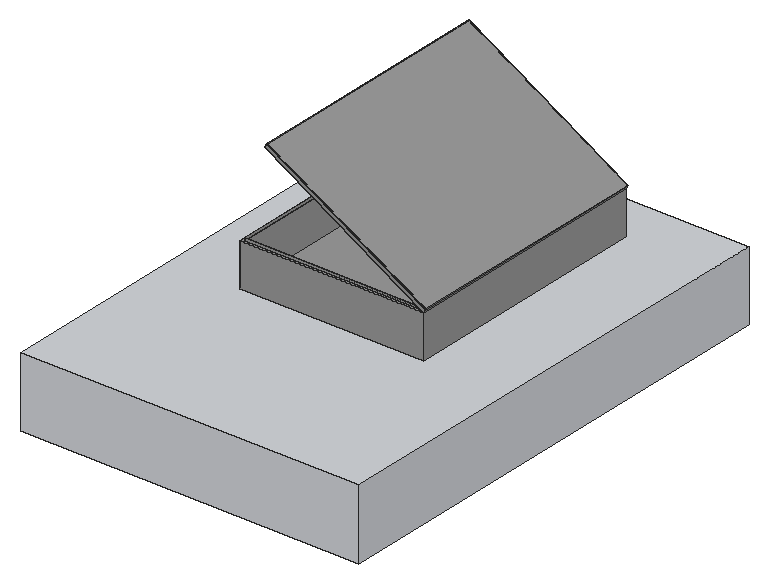
Revit family "Hager-Univers-IP54-D205-H1100-Cl.I-Encl-CH-fr", category Equipement électrique, Revit 2020
Family settings
  Hôte = Face
  Configuration du panneau = Deux colonnes, circuits au sein
  Cote de connecteur circulaire = Utiliser le diamètre
  Type d'élément = Tableau de raccordement
  Couper avec des vides une fois chargée = Non
  Partagée = Non
  Point de calcul de pièce = Non
Parameters (values of type "saillie IP54 L800 H1100 P205  - FP73TW2")
  Width Control [instance] = if([EF000008 - largeur] > Min Width, [EF000008 - largeur], Min Width)  # 800 mm
  Commentaires du type = [HG000003 - Gamme]  # "Univers"
  Thickness Door [instance] = if([EF009171 - épaisseur de matériau de la porte/du couvercle] > 3 mm, 3 mm, [EF009171 - épaisseur de matériau de la porte/du couvercle])  # 1 mm
  Seal Frame Offset [instance] = 17 mm  # constant formula
  Plinth Visibility [instance] = [HG000027 - Hauteur du socle] > 0 mm  # no
  Model = ""
  Min Width [instance] = 100 mm  # constant formula
  Min Height [instance] = 100 mm  # constant formula
  Min Depth [instance] = (2 * [EF009170 - épaisseur de matériau du boîtier]) + 1 mm  # 3 mm
  Internal Frame Depth [instance] = (Door System Depth * 0.5)  # 9 mm
  Height Control [instance] = if([EF000040 - hauteur] > Min Height, [EF000040 - hauteur], Min Height)  # 1100 mm
  HG000027 - Hauteur du socle = 0 mm
  HG000026 - Installation au sol = no
  HG000024 - Hauteur de la section basse = 800 mm
  HG000023 - Armoire double section = no
  HG000016 - Visibilité de la porte 3D [instance] = yes
  HG000015 - Visibilité de l'emprise de la porte [instance] = no
  HG000014 - Porte à droite [instance] = yes
  HG000013 - Porte à gauche [instance] = not([HG000014 - Porte à droite])  # no
  HG000012 - Angle de pivotement de la porte [instance] = 30.00°
  HG000010 - Portes asymétriques = no
  HG000009 - Porte à double battant = no
  HG000006 - Encastré = no
  HG000004 - Référence fabricant = "FP73TW2"
  HG000003 - Gamme = "Univers"
  HG000002 - avec porte = yes
  Frame Offset Bottom [instance] = 10 mm  # constant formula
  Frame Offset [instance] = 15 mm  # constant formula
  EF015940 - couvercle avec décharge de pression = no
  EF011959 - degré de protection (NEMA) = ""
  EF009554 - nombre d'ouvertures pour plaques à bride = 6
  Fabricant = "Hager"  # constant formula
  EF009212 - finition du couvercle = "EV000116 - fermé"
  EF009171 - épaisseur de matériau de la porte/du couvercle = 1 mm
  EF009170 - épaisseur de matériau du boîtier = 1 mm
  EF008873 - courant nominal (In) = 250 A
  EF007800 - adapté à un parafoudre = no
  EF006306 - avec serrure = no
  EF006244 - couvercle/porte transparent(e) = no
  EF005474 - indice de protection (IP) = "EV006419 - IP54"
  EF004464 - type de porte = "EV002646 - unique"
  EF004427 - nombre de modules = 252
  EF004293 - indice de protection contre les chocs (IK) = "EV006815 - IK09"
  EF003532 - convient pour utilisation à l’extérieur = no
  EF002950 - largeur en nombre de modules = 36
  EF001613 - maintien de fonction = "EV000494 - sans"
  EF001596 - matériau du boîtier/corps = "EV000179 - acier"
  EF001131 - profondeur intérieure = 130 mm
  EF001088 - possibilité de montage en saillie = yes
  EF000437 - nombre d'entrées de conduit = 6
  EF000339 - type de capot = "EV001012 - couvercle"
  EF000266 - nombre de rangées = 7
  EF000218 - profondeur d'encastrement = 205 mm
  EF000118 - avec cadre/support de montage = no
  EF000116 - numéro RAL = "9010"
  EF000049 - profondeur = 205 mm
  EF000040 - hauteur = 1100 mm
  EF000008 - largeur = 800 mm
  EF000007 - couleur = "EV000202 - blanc"
  EF000003 - mode de pose = "EV000384 - saillie"
  Door System Leaf Tolerance [instance] = 1.5 mm  # constant formula
  Door System Depth [instance] = 18 mm  # constant formula
  Door Height [instance] = Height Control - [HG000027 - Hauteur du socle]  # 1100 mm
  Depth Control [instance] = if([EF000049 - profondeur] > Min Depth, [EF000049 - profondeur], Min Depth)  # 205 mm
  Default Elevation = 0 mm
  Connector Offset [instance] = Height Control / 2  # 550 mm
  Bottom Top Plate Trim [instance] = 1.5 mm  # constant formula
  Plinth height Ctrl [instance] = if([HG000027 - Hauteur du socle] > 0 mm, [HG000027 - Hauteur du socle], 12 mm)  # 12 mm
Types (4, lengths in mm): name | Width Control | HG000004 - Référence fabricant | EF009554 - nombre d'ouvertures pour plaques à bride | EF004464 - type de porte | EF004427 - nombre de modules | EF002950 - largeur en nombre de modules | EF000437 - nombre d'entrées de conduit | EF000008 - largeur
  saillie IP54 L1050 H1100 P205  - FP74TW2 | 1050 | "FP74TW2" | 8 | "EV003602 - double" | 336 | 48 | 8 | 1050
  saillie IP54 L1300 H1100 P205  - FP75TW2 | 1300 | "FP75TW2" | 10 | "EV003602 - double" | 420 | 60 | 10 | 1300
  saillie IP54 L550 H1100 P205  - FP72TW2 | 550 | "FP72TW2" | 4 | "EV002646 - unique" | 168 | 24 | 4 | 550
  saillie IP54 L800 H1100 P205  - FP73TW2 | 800 | "FP73TW2" | 6 | "EV002646 - unique" | 252 | 36 | 6 | 800
Reference planes
  plane 1 "Center (Front/Back)": y = 0
  plane 2: z = 0
  plane 3 "Center (Left/Right)": x = 0
  plane 4: z = 205
  plane 5: y = 1
  plane 6: y = 550
  plane 7: y = 0
  plane 8: y = 1100
  plane 9: z = 0
  plane 10: x = -385
  plane 11: x = 385
  plane 12: x = 384
  plane 13: x = -384
  plane 14: y = 1099
  plane 15: x = -383
  plane 16: x = -400
  plane 17: x = 383
  plane 18: x = 400
  plane 19: x = 399
  plane 20: x = -399
  plane 21: y = 11
  plane 22: y = 1100
  plane 23: y = 1084
  plane 24: z = 187
  plane 25: z = 1
  plane 26: z = 186
  plane 27: z = 204
Forms (mm)
  Extrusion 1, solid
    sketch origin (0, 0, 0) x (1, 0, 0) y (0, 1, 0)
      loop
        line (-702.964, 1305) -> (-702.964, -811.445) -> (766.763, -811.445) -> (766.763, 1305) -> (-702.964, 1305)
    from 0 to -304.8
  Extrusion 2, solid, material "Hager_Steel_RAL7035_Light_Grey", visible <- "Plinth Visibility", detail levels medium+fine
    sketch origin (0, 0, 0) x (1, 0, 0) y (0, 1, 0)
      loop
        line (-400, 0) -> (400, 0) -> (400, 12) -> (-400, 12) -> (-400, 0)
    from 0 to 187
  Extrusion 3, solid, material "Hager_Steel_RAL7035_Light_Grey", detail levels medium+fine
    sketch origin (0, 0, 0) x (1, 0, 0) y (0, 1, 0)
      loop
        line (-400, 0) -> (400, 0) -> (400, 1100) -> (-400, 1100) -> (-400, 0)
    from 0 to 187
  Extrusion 4, void
    sketch origin (0, 0, 0) x (1, 0, 0) y (0, 1, 0)
      loop
        line (-399, 1) -> (399, 1) -> (399, 1099) -> (-399, 1099) -> (-399, 1)
    from 1 to 186
  Extrusion 5, void
    sketch origin (-381.607, -4572, 187) x (0, -1, 0) y (-1, 0, 0)
      loop
        line (-4583, 2.393) -> (-5656, 2.393) -> (-5656, -765.607) -> (-4583, -765.607) -> (-4583, 2.393)
    from 0 to 1 <- "EF009170 - épaisseur de matériau du boîtier"
  Extrusion 6, solid, material "Hager_Steel_RAL7035_Light_Grey", detail levels fine
    sketch origin (0, 0, 187) x (1, 0, 0) y (0, 1, 0)
      loop
        line (-384, 1084) -> (-384, 11) -> (384, 11) -> (384, 1084) -> (-384, 1084)
      loop
        line (-385, 10) -> (385, 10) -> (385, 1085) -> (-385, 1085) -> (-385, 10)
    from 0 to 9 <- "Internal Frame Depth"
  Extrusion 7, solid, material "Hager_Steel_RAL7035_Light_Grey", detail levels coarse
    sketch origin (0, 0, 0) x (1, 0, 0) y (0, 1, 0)
      loop
        line (-400, 0) -> (400, 0) -> (400, 1100) -> (-400, 1100) -> (-400, 0)
    from 0 to 205
  Sweep 8, void
    path in 3D
      loop
        line (-400, 12, 0) -> (400, 12, 0) -> (400, 12, 187) -> (-400, 12, 187) -> (-400, 12, 0)
    profile origin (-400, 12, 93.5) x (-1, 0, 0) y (0, -1, 0)
      loop
        line (0, 0) -> (0, 1.5) -> (-1.5, 1.5)
        arc (-1.5, 1.5) -> (-1.061, 0.439) -> (0, 0) r 1.5
Cuts and joins
  Extrusion 4, Extrusion 5 cuts Extrusion 3
  Sweep 8 cuts Extrusion 2
Lines and regions (mm)
  Masking region 1
    outline origin (0, 0, 0) x (1, 0, 0) y (0, 0, 1)
      loop
        line (-400, 205) -> (-400, 0) -> (400, 0) -> (400, 205) -> (-400, 205)
  Masking region 2, detail levels medium+fine
    outline origin (0, 140, 0) x (0, 1, 0) y (0, 0, 1)
      loop
        line (-140, 0) -> (960, 0) -> (960, 187) -> (-140, 187) -> (-140, 0)
  Masking region 3, not visible, detail levels medium+fine
    outline origin (0, 297.922, 0) x (0, 1, 0) y (0, 0, 1)
      loop
        line (263.578, 0) -> (303.578, 0) -> (303.578, 194)
        arc (303.578, 194) -> (300.649, 201.071) -> (293.578, 204) r 10
        line (293.578, 204) -> (263.578, 204) -> (263.578, 0)
  Masking region 4, detail levels coarse
    outline origin (0, 0, 180) x (0, 1, 0) y (0, 0, 1)
      loop
        line (0, -180) -> (1100, -180) -> (1100, 25) -> (0, 25) -> (0, -180)
  Masking region 5, visible <- "Plinth Visibility", detail levels medium+fine
    outline origin (0, 52.24, 12.345) x (0, 0, -1) y (0, 1, 0)
      loop
        line (10.845, -40.24) -> (-173.155, -40.24)
        arc (-173.155, -40.24) -> (-173.594, -41.301) -> (-174.655, -41.74) r 1.5
        line (-174.655, -41.74) -> (-174.655, -52.24) -> (12.345, -52.24) -> (12.345, -41.74)
        arc (12.345, -41.74) -> (11.285, -41.301) -> (10.845, -40.24) r 1.5
  Masking region 6, detail levels medium+fine
    outline origin (-381.607, -4572, 187) x (-1, 0, 0) y (0, -1, 0)
      loop
        line (18.393, -5672) -> (18.393, -4572) -> (-781.607, -4572) -> (-781.607, -5672) -> (18.393, -5672)
  Masking region 7, visible <- "Plinth Visibility", detail levels medium+fine
    outline origin (-381.607, -4727, 187) x (-1, 0, 0) y (0, -1, 0)
      loop
        arc (16.893, -4739) -> (17.332, -4737.939) -> (18.393, -4737.5) r 1.5
        line (18.393, -4737.5) -> (18.393, -4727) -> (-781.607, -4727) -> (-781.607, -4737.5)
        arc (-781.607, -4737.5) -> (-780.546, -4737.939) -> (-780.107, -4739) r 1.5
        line (-780.107, -4739) -> (16.893, -4739)
  Masking region 8, detail levels coarse
    outline origin (-442.548, -4669.526, 187) x (-1, 0, 0) y (0, -1, 0)
      loop
        line (-42.548, -5769.526) -> (-42.548, -4669.526) -> (-842.548, -4669.526) -> (-842.548, -5769.526) -> (-42.548, -5769.526)
  sketch lines
    curve 1: line (-400, 12, 187) -> (-400, 12, 0)
    curve 2: line (400, 12, 187) -> (-400, 12, 187)
    curve 3: line (400, 12, 187) -> (400, 12, 0)
    curve 4: line (-400, 12, 0) -> (400, 12, 0)
Dimensions and locks
  "Depth Control": plane 4 to Extrusion 1
  "HG000027 - Hauteur du socle": plane 1 "Center (Front/Back)" to plane 7
  "EF009170 - épaisseur de matériau du boîtier": plane 5 to plane 7
  locked: connector elem to plane 3 "Center (Left/Right)"
  equal spacing: plane 8, plane 6, plane 7
  locked: connector elem to plane 6
  "EF009170 - épaisseur de matériau du boîtier": plane 8 to plane 14
  "EF009170 - épaisseur de matériau du boîtier": plane 10 to plane 13
  "EF009170 - épaisseur de matériau du boîtier": plane 12 to plane 11
  "Frame Offset": plane 20 to plane 13
  "Frame Offset": plane 12 to plane 19
  "EF009170 - épaisseur de matériau du boîtier": plane 16 to plane 20
  "EF009170 - épaisseur de matériau du boîtier": plane 19 to plane 18
  "Seal Frame Offset": plane 16 to plane 15
  "Seal Frame Offset": plane 17 to plane 18
  "Frame Offset Bottom": plane 21 to plane 5
  "Frame Offset": plane 14 to plane 23
  equal spacing: plane 16, plane 3 "Center (Left/Right)", plane 18
  "Width Control": plane 16 to plane 18
  "EF009170 - épaisseur de matériau du boîtier": plane 4 to plane 27
  "EF009170 - épaisseur de matériau du boîtier": plane 24 to plane 26
  "EF009170 - épaisseur de matériau du boîtier": plane 25 to level
  "Door System Depth": plane 4 to plane 24
  "Height Control": plane 1 "Center (Front/Back)" to Extrusion 7 sketch curve
  "Height Control": Masking region 4 sketch curve to plane 1 "Center (Front/Back)"
  "Height Control": plane 1 "Center (Front/Back)" to plane 22
  "Bottom Top Plate Trim": profile plane to Sweep 8 sketch curve
  "Bottom Top Plate Trim": Sweep 8 sketch curve to profile plane
  "Plinth height Ctrl": plane 1 "Center (Front/Back)" to Extrusion 2 sketch curve
  "Plinth height Ctrl": Masking region 5 sketch curve to plane 1 "Center (Front/Back)"
  "Plinth height Ctrl": plane 1 "Center (Front/Back)" to Masking region 7 sketch curve
  "Thickness Door": Extrusion 6 sketch curve to Extrusion 6 sketch curve  (x3)
  "Thickness Door": cut or joined group of Extrusion 3, Extrusion 4, Extrusion 5 to Extrusion 6 sketch curve
  radius of Masking region 3 sketch curve = 10 mm
  "Bottom Top Plate Trim": radius of Masking region 5 sketch curve  (x2)
  "Bottom Top Plate Trim": radius of Sweep 8 sketch curve
  "Bottom Top Plate Trim": radius of Masking region 7 sketch curve  (x2)
  aligned and locked: plane 2 to Extrusion 1
  aligned and locked: level to Extrusion 1
  aligned and locked: level to Masking region 1 sketch curve
  aligned and locked: Masking region 1 sketch curve to plane 18
  aligned and locked: Masking region 1 sketch curve to plane 16
  aligned and locked: plane 7 to Masking region 2 sketch curve
  aligned and locked: level to Masking region 3 sketch curve
  aligned and locked: Masking region 3 sketch curve to plane 27
  aligned and locked: level to Masking region 2 sketch curve
  aligned and locked: plane 1 "Center (Front/Back)" to Extrusion 2 sketch curve
  aligned and locked: Extrusion 3 sketch curve to plane 7
  aligned and locked: plane 16 to Extrusion 3 sketch curve
  aligned and locked: plane 18 to Extrusion 3 sketch curve
  aligned and locked: plane 20 to Extrusion 4 sketch curve
  aligned and locked: plane 19 to Extrusion 4 sketch curve
  aligned and locked: Extrusion 4 sketch curve to plane 5
  aligned and locked: Extrusion 4 to plane 25
  aligned and locked: plane 26 to Extrusion 4
  aligned and locked: plane 24 to Extrusion 3
  aligned and locked: Extrusion 5 sketch curve to plane 21
  aligned and locked: Extrusion 5 sketch curve to plane 13
  aligned and locked: Extrusion 5 sketch curve to plane 12
  aligned and locked: plane 18 to Extrusion 7 sketch curve
  aligned and locked: plane 1 "Center (Front/Back)" to Extrusion 7 sketch curve
  aligned and locked: plane 16 to Extrusion 7 sketch curve
  aligned and locked: plane 4 to Extrusion 7
  aligned and locked: Extrusion 7 to level
  aligned and locked: level to Masking region 4 sketch curve
  aligned and locked: Masking region 4 sketch curve to plane 1 "Center (Front/Back)"
  aligned and locked: Masking region 4 sketch curve to plane 4
  aligned and locked: nested 1 to level
  aligned and locked: nested 1 to plane 16
  aligned and locked: plane 8 to Extrusion 3 sketch curve
  aligned and locked: plane 23 to Extrusion 5 sketch curve
  aligned and locked: plane 14 to Extrusion 4 sketch curve
  aligned and locked: Masking region 2 sketch curve to plane 8
  aligned and locked: level to Masking region 5 sketch curve
  aligned and locked: plane 16 to Extrusion 2 sketch curve
  aligned and locked: plane 18 to Extrusion 2 sketch curve
  aligned and locked: Masking region 5 sketch curve to plane 24
  aligned and locked: Masking region 2 sketch curve to plane 24
  aligned and locked: plane 24 to Extrusion 2
  aligned and locked: profile plane to Sweep 8 sketch curve  (x2)
  aligned and locked: Masking region 6 sketch curve to plane 18
  aligned and locked: Masking region 6 sketch curve to plane 22
  aligned and locked: Masking region 6 sketch curve to plane 16
  aligned and locked: plane 8 to plane 22
  aligned and locked: Masking region 6 sketch curve to plane 7
  aligned and locked: Masking region 7 sketch curve to plane 16
  aligned and locked: Masking region 7 sketch curve to plane 1 "Center (Front/Back)"
  aligned and locked: Masking region 7 sketch curve to plane 18
  aligned and locked: Masking region 8 sketch curve to plane 1 "Center (Front/Back)"
  aligned and locked: Masking region 8 sketch curve to plane 18
  aligned and locked: Masking region 8 sketch curve to plane 22
  aligned and locked: Masking region 8 sketch curve to plane 16
  aligned and locked: nested 2 to plane 7
  aligned and locked: plane 3 "Center (Left/Right)" to nested 2
  aligned and locked: nested 2 to plane 24
  aligned and locked: Extrusion 6 sketch curve to cut or joined group of Extrusion 3, Extrusion 4, Extrusion 5  (x4)
Automatic sketch dimensions
  Extrusion 1 sketch curve to Extrusion 1 sketch curve = 1469.727 mm
  Extrusion 1 sketch curve to Extrusion 1 sketch curve = 2116.445 mm
  Masking region 1 sketch curve to plane 4 = 0 mm
  plane 6 to Masking region 3 sketch curve = 11.5 mm
  Masking region 3 sketch curve to Masking region 3 sketch curve = 30 mm
  Masking region 5 sketch curve to plane 1 "Center (Front/Back)" = 0 mm
Nested families
  nested 1: "Hager_Enclosure_Symbol" at (-400, 0, 0) x (1, 0, 0) z (0, -1, 0), Height <- "Depth Control", Width <- "Width Control", type "Hager_Enclosure_Symbol"
    with Width_Ctrl 800 mm, Width 800 mm, Height_Ctrl 205 mm, Height 205 mm, A_Width_Int 13.453 mm, A_Width 161.438 mm, A_Height_Ctrl 179.375 mm, A_Height 179.375 mm
  nested 2: "EC000058_Univers_Door" at (0, 0, 187) x (1, 0, 0) z (0, 1, 0), Leaf_Tolerance <- "Door System Leaf Tolerance", Angle <- "HG000012 - Angle de pivotement de la porte", Door_Depth <- "Door System Depth", Door_Left <- "HG000013 - Porte à gauche", Transparent <- "EF006244 - couvercle/porte transparent(e)", Assymetrical <- "HG000010 - Portes asymétriques", Width <- "Width Control", Clearance <- "HG000015 - Visibilité de l'emprise de la porte", Double <- "HG000009 - Porte à double battant", 3d_Door <- "HG000016 - Visibilité de la porte 3D", Lock_Visibility <- "EF006306 - avec serrure", Width_Ctrl <- "Width Control", Door_Right <- "HG000014 - Porte à droite", Door <- "HG000002 - avec porte", Height <- "Door Height", Thickness <- "Thickness Door", type "EC000058_Univers_Door", detail levels medium+fine
    with min_wh 3 mm, Width_Ctrl 800 mm, Width 800 mm, Transparent no, Thickness 1 mm, Seal_Material Hager_Rubber, Lock_Visibility no, Lock_Material Hager_Plastic_RAL9005_Jet_Black, Leaf_Width 800 mm, Leaf_Tolerance_External_Sides 0 mm, Leaf_Tolerance 1.5 mm, Leaf_Offset 0 mm, Leaf_Height 1097 mm, Leaf_2_Width 800 mm, Leaf_2_Offset 400 mm, Leaf_1_Width 800 mm, Leaf_1_Offset 400 mm, Height_Ctrl 1100 mm, Height 1100 mm, Glass_Material Hager_Glass, Double_Clearance_Ctrl no, Double no, Door_Right_Ctrl yes, Door_Right yes, Door_Material Hager_Steel_RAL7035_Light_Grey, Door_Left_Ctrl no, Door_Left no, Door_Depth 18 mm, Door yes, Clearance_Material Hager_Clearance, Clearance_Depth 800 mm, Clearance_Ctrl no, Clearance no, Assymetrical no, Angle 30.00°, 3d_Door yes
Connectors
  electrical at (0, 550, 0)
    settings: on plane 9, index 1, voltage 0 V, apparent load 0 VA, apparent load phase1 0 VA, apparent load phase2 0 VA, apparent load phase3 0 VA, power factor 1, load classification "Other", number of poles 1, system type 30, power factor state 1, is connector primary yes, connector utility no, sub classification motor no, connector description ""
Definition of nested family "EC000058_Univers_Door"
  Parameters (values of type "EC000058_Univers_Door")
    min_wh [instance] = (2 * Thickness) + 1 mm  # 11 mm
    Width_Ctrl [instance] = 400 mm
    Width [instance] = 500 mm
    Transparent [instance] = yes
    Thickness [instance] = 5 mm
    Seal_Material [instance] = none
    Lock_Visibility [instance] = yes
    Lock_Material [instance] = none
    Leaf_Width [instance] = if((Width_Ctrl - 2 * Leaf_Tolerance_External_Sides) > 0 mm, (Width_Ctrl - 2 * Leaf_Tolerance_External_Sides), min_wh)  # 400 mm
    Leaf_Tolerance_External_Sides [instance] = 0 mm  # constant formula
    Leaf_Tolerance [instance] = 1.5 mm
    Leaf_Offset [instance] = 0 mm  # constant formula
    Leaf_Height [instance] = if((Height_Ctrl - 2 * Leaf_Tolerance) > 0 mm, (Height_Ctrl - 2 * Leaf_Tolerance), min_wh)  # 497 mm
    Leaf_2_Width [instance] = if(and(and(Double, Assymetrical), Door_Left), (Leaf_Width / 3) - (Leaf_Tolerance / 2), if(and(and(Double, Assymetrical), Door_Right), (Leaf_Width / 3) * 2 - (Leaf_Tolerance / 2), if(and(Double, not(Assymetrical)), (Leaf_Width / 2) - Leaf_Tolerance, Leaf_Width)))  # 400 mm
    Leaf_2_Offset [instance] = if(and(Double, Assymetrical), Leaf_2_Width / 2, if(and(Double, not(Assymetrical)), Leaf_Width / 4, Leaf_Width / 2))  # 200 mm
    Leaf_1_Width [instance] = if(and(and(Double, Assymetrical), Door_Right), (Leaf_Width / 3) - (Leaf_Tolerance / 2), if(and(and(Double, Assymetrical), Door_Left), (Width / 3) * 2 - (Leaf_Tolerance / 2), if(and(Double, not(Assymetrical)), (Leaf_Width / 2) - Leaf_Tolerance, Leaf_Width)))  # 400 mm
    Leaf_1_Offset [instance] = if(and(Double, Assymetrical), Leaf_1_Width / 2, if(and(Double, not(Assymetrical)), Leaf_Width / 4, Leaf_Width / 2))  # 200 mm
    Height_Ctrl [instance] = if(Height > min_wh, Height, min_wh)  # 500 mm
    Height [instance] = 500 mm
    Glass_Material [instance] = none
    Double_Clearance_Ctrl [instance] = and(Double, Clearance)  # no
    Double [instance] = no
    Door_Right_Ctrl [instance] = and(or(Door_Right, Double), Door)  # yes
    Door_Right [instance] = yes
    Door_Material [instance] = none
    Door_Left_Ctrl [instance] = and(or(Door_Left, Double), Door)  # no
    Door_Left [instance] = no
    Door_Depth [instance] = 30 mm
    Door [instance] = yes
    Default Elevation = 1219.2 mm
    Clearance_Material [instance] = none
    Clearance_Depth [instance] = if(Leaf_1_Width > Leaf_2_Width, Leaf_1_Width, Leaf_2_Width)  # 400 mm
    Clearance_Ctrl [instance] = and(not(Double), Clearance)  # yes
    Clearance [instance] = yes
    Assymetrical [instance] = yes
    Angle [instance] = 30.00°
    3d_Door [instance] = yes
  Reference planes
    plane 1 "Center (Front/Back)": y = 0
    plane 2 "Bottom": z = 0
    plane 3 "Center (Left/Right)": x = 0
    plane 4: z = 500
    plane 5: x = -200
    plane 6: x = 200
    plane 7: z = 500
    plane 8: x = -200
    plane 9: z = 0
    plane 10: x = 200
    plane 11: y = 0
    plane 12: z = 1.5
    plane 13: x = -600
    plane 14: y = -400
    plane 15: x = 600
    plane 16: x = 0
    plane 17: x = 0
    plane 18: x = -200
    plane 19: x = 200
    plane 20: z = 498.5
  Forms (mm)
    Extrusion 1, solid, material <- "Clearance_Material", visible <- "Double_Clearance_Ctrl"
      sketch origin (1200, 0, 0) x (1, 0, 0) y (0, 0, -1)
        loop
          line (-1800, -498.5) -> (-600, -498.5) -> (-600, 0) -> (-1800, 0) -> (-1800, -498.5)
      from 0 to -400
  Dimensions and locks
    equal spacing: plane 5, plane 3 "Center (Left/Right)", plane 6
    "Width_Ctrl": plane 5 to plane 6
    "Leaf_Offset": plane 5 to plane 8
    "Leaf_Offset": plane 6 to plane 10
    "Leaf_Offset": plane 9 to level
    "Leaf_Offset": plane 4 to plane 7
    "Height_Ctrl": plane 4 to level
    "Leaf_Tolerance": plane 12 to plane 9
    locked: plane 11 to plane 1 "Center (Front/Back)"
    "Leaf_1_Offset": plane 18 to plane 16
    "Leaf_2_Offset": plane 17 to plane 19
    "Leaf_1_Width": plane 13 to plane 8
    "Leaf_2_Width": plane 10 to plane 15
    "Clearance_Depth": plane 14 to plane 1 "Center (Front/Back)"
    "Leaf_Tolerance_External_Sides": plane 8 to plane 18
    "Leaf_Tolerance_External_Sides": plane 19 to plane 10
    "Leaf_Tolerance": plane 7 to plane 20
    aligned and locked: level to plane 2 "Bottom"
    aligned and locked: nested 1 to plane 16
    aligned and locked: nested 2 to plane 17
    aligned and locked: Extrusion 1 to plane 13
    aligned and locked: plane 15 to Extrusion 1
    aligned and locked: Extrusion 1 to plane 14
    aligned and locked: plane 12 to nested 1
    aligned and locked: nested 2 to plane 12
    aligned and locked: Extrusion 1 to plane 11
    aligned and locked: plane 20 to Extrusion 1
    aligned and locked: nested 2 to plane 11
    aligned and locked: nested 1 to plane 11
  Automatic sketch dimensions
    Extrusion 1 sketch curve to level = 0 mm
    plane 5 to Extrusion 1 sketch curve = 400 mm
    plane 6 to Extrusion 1 sketch curve = 400 mm
    Extrusion 1 sketch curve to plane 4 = 1.5 mm
  Nested families
    nested 1: "EC000058_Univers_Door_Leaf" at (0, 0, 1.5), Width <- "Leaf_1_Width", visible <- "Door_Left_Ctrl", Leaf_Height <- "Leaf_Height", Angle <- "Angle", 3d_Door <- "3d_Door", Transparent <- "Transparent", Clearance Material <- "Clearance_Material", Clearance <- "Clearance_Ctrl", Door_Material <- "Door_Material", Glass_Material <- "Glass_Material", Door_Depth <- "Door_Depth", Lock_Material <- "Lock_Material", Seal_Material <- "Seal_Material", Lock_Visibility <- "Lock_Visibility", Thickness <- "Thickness", type "EC000058_Univers_Door_Leaf"
      with Width 400 mm, Transparent_Glass_Offset 30 mm, Transparent_Ctrl yes, Transparent yes, Thickness 5 mm, Standard no, Seal_Material none, Seal_D2 8 mm, Seal_D1 1 mm, Offset_Internal_Frame 10 mm, Lock_Width 20 mm, Lock_Visibility_3d yes, Lock_Visibility yes, Lock_Thickness_3 3 mm, Lock_Thickness_2 1 mm, Lock_Thickness_1 3 mm, Lock_Radius_Offset_2 16 mm, Lock_Radius_Offset_1 15 mm, Lock_Radius_2 5 mm, Lock_Radius 6 mm, Lock_Offset 5 mm, Lock_Material none, Lock_Height 80 mm, Lock_Cover_Top_Offset_2d 17 mm, Lock_Cover_Height -65 mm, Leaf_Height 497 mm, Internal_Seal_Thickness 8 mm, Internal_Seal_Depth_2 4.5 mm, Internal_Frame_Depth 25 mm, Glass_Thickness -1 mm, Glass_Offset -2 mm, Glass_Material none, Door_Material none, Door_Depth 30 mm, Clearance Material none, Clearance yes, Angle_Ctrl 30.00°, Angle 30.00°, 3d_Door yes
    nested 2: "EC000058_Univers_Door_Leaf" at (0, 0, 1.5) x (-1, 0, 0) z (0, 0, 1), Width <- "Leaf_2_Width", visible <- "Door_Right_Ctrl", Leaf_Height <- "Leaf_Height", Angle <- "Angle", 3d_Door <- "3d_Door", Transparent <- "Transparent", Clearance Material <- "Clearance_Material", Clearance <- "Clearance_Ctrl", Door_Material <- "Door_Material", Glass_Material <- "Glass_Material", Door_Depth <- "Door_Depth", Lock_Material <- "Lock_Material", Seal_Material <- "Seal_Material", Lock_Visibility <- "Lock_Visibility", Thickness <- "Thickness", type "EC000058_Univers_Door_Leaf"
      with Width 400 mm, Transparent_Glass_Offset 30 mm, Transparent_Ctrl yes, Transparent yes, Thickness 5 mm, Standard no, Seal_Material none, Seal_D2 8 mm, Seal_D1 1 mm, Offset_Internal_Frame 10 mm, Lock_Width 20 mm, Lock_Visibility_3d yes, Lock_Visibility yes, Lock_Thickness_3 3 mm, Lock_Thickness_2 1 mm, Lock_Thickness_1 3 mm, Lock_Radius_Offset_2 16 mm, Lock_Radius_Offset_1 15 mm, Lock_Radius_2 5 mm, Lock_Radius 6 mm, Lock_Offset 5 mm, Lock_Material none, Lock_Height 80 mm, Lock_Cover_Top_Offset_2d 17 mm, Lock_Cover_Height -65 mm, Leaf_Height 497 mm, Internal_Seal_Thickness 8 mm, Internal_Seal_Depth_2 4.5 mm, Internal_Frame_Depth 25 mm, Glass_Thickness -1 mm, Glass_Offset -2 mm, Glass_Material none, Door_Material none, Door_Depth 30 mm, Clearance Material none, Clearance yes, Angle_Ctrl 30.00°, Angle 30.00°, 3d_Door yes
  Definition of nested family "EC000058_Univers_Door_Leaf"
    Parameters (values of type "EC000058_Univers_Door_Leaf")
      Width [instance] = 2000 mm
      Transparent_Glass_Offset [instance] = 30 mm
      Transparent_Ctrl [instance] = and(Transparent, [3d_Door])  # yes
      Transparent [instance] = yes
      Thickness [instance] = 5 mm
      Standard [instance] = and(not(Transparent), [3d_Door])  # no
      Seal_Material [instance] = none
      Seal_D2 [instance] = 8 mm  # constant formula
      Seal_D1 [instance] = 1 mm  # constant formula
      Offset_Internal_Frame [instance] = 10 mm  # constant formula
      Lock_Width [instance] = 20 mm  # constant formula
      Lock_Visibility_3d [instance] = and(Lock_Visibility, [3d_Door])  # yes
      Lock_Visibility [instance] = yes
      Lock_Thickness_3 [instance] = 3 mm  # constant formula
      Lock_Thickness_2 [instance] = 1 mm  # constant formula
      Lock_Thickness_1 [instance] = 3 mm  # constant formula
      Lock_Radius_Offset_2 [instance] = Lock_Radius_Offset_1 + 1 mm  # 16 mm
      Lock_Radius_Offset_1 [instance] = 15 mm  # constant formula
      Lock_Radius_2 [instance] = Lock_Radius - 1 mm  # 5 mm
      Lock_Radius [instance] = 6 mm  # constant formula
      Lock_Offset [instance] = 5 mm  # constant formula
      Lock_Material [instance] = none
      Lock_Height [instance] = 80 mm  # constant formula
      Lock_Cover_Top_Offset_2d [instance] = Lock_Radius_Offset_2 + 1 mm  # 17 mm
      Lock_Cover_Height [instance] = -(Lock_Height - Lock_Radius_Offset_1)  # -65 mm
      Leaf_Height [instance] = 2720.336 mm
      Internal_Seal_Thickness [instance] = 8 mm  # constant formula
      Internal_Seal_Depth_2 [instance] = 4.5 mm  # constant formula
      Internal_Frame_Depth [instance] = if(Door_Depth - Thickness > 5 mm, Door_Depth - Thickness, 5 mm)  # 25 mm
      Glass_Thickness [instance] = if(Thickness > 15 mm, Glass_Offset + 10 mm, -1 mm)  # -1 mm
      Glass_Offset [instance] = if(Thickness > 15 mm, -(Thickness + 10 mm) / 2, -2 mm)  # -2 mm
      Glass_Material [instance] = none
      Door_Material [instance] = none
      Door_Depth [instance] = 30 mm
      Default Elevation = 0 mm
      Clearance Material [instance] = none
      Clearance [instance] = yes
      Angle_Ctrl [instance] = if(Angle > 180.00°, 180.00°, Angle)  # 90.00°
      Angle [instance] = 90.00°
      3d_Door [instance] = yes
    Reference planes
      plane 1 "Center (Front/Back)": y = 0
      plane 2: z = 0
      plane 3 "Center (Left/Right)": x = 0
      plane 4: y = 2000
      plane 5: x = -1000
      plane 6: x = 1000
      plane 7: x = -3000
      plane 8: z = 2720.336
      plane 9: z = 30
      plane 10: z = 2690.336
      plane 11: x = 970
      plane 12: x = -970
      plane 13: y = -3
      plane 14: z = 107.833
      plane 15: y = -5
      plane 16: y = -223.314
      plane 17: x = -1000
      plane 18: z = 1360.168
      plane 19: y = 30
    Forms (mm)
      Extrusion 1, solid, material <- "Clearance Material", visible <- "Clearance"
        sketch origin (0, 0, 0) x (1, 0, 0) y (0, 0, 1)
          loop
            line (-3000, 2720.336) -> (-3000, 0) -> (1000, 0) -> (1000, 2720.336) -> (-3000, 2720.336)
        from 0 to -2000
      Extrusion 2, solid, material <- "Door_Material", visible <- "Standard", detail levels medium+fine
        sketch origin (-1000, 0, 0) x (0, 1, 0) y (-1, 0, 0)
          loop
            line (0, 30) -> (0, 25) -> (2000, 25) -> (2000, 30) -> (0, 30)
        from 0 to 2720.336 <- "Leaf_Height"
      Extrusion 3, solid, material <- "Door_Material", visible <- "Transparent_Ctrl", detail levels medium+fine
        sketch origin (-1000, 0, 0) x (0, 1, 0) y (-1, 0, 0)
          loop
            line (0, 25) -> (2000, 25) -> (2000, 30) -> (0, 30) -> (0, 25)
        from 0 to 2720.336 <- "Leaf_Height"
      Extrusion 4, void
        sketch origin (-1025, 2000, 0) x (0, 1, 0) y (0, 0, -1)
          loop
            line (-30, -2690.336) -> (-30, -30) -> (-1970, -30) -> (-1970, -2690.336) -> (-30, -2690.336)
        from 0 to 5 <- "Thickness"
      Sweep 5, solid, material <- "Seal_Material", visible <- "Transparent_Ctrl", detail levels fine
        path in 3D
          loop
            line (-1025, 30, 30) -> (-1025, 30, 2690.336) -> (-1025, 1970, 2690.336) -> (-1025, 1970, 30) -> (-1025, 30, 30)
        profile origin (-1025, 1000, 30) x (1, 0, 0) y (0, 0, 1)
          loop
            line (0, 0) -> (0, -8) -> (1, -8) -> (1, 0) -> (0, 0)
      Extrusion 6, solid, material <- "Glass_Material", visible <- "Transparent_Ctrl", detail levels medium+fine
        sketch origin (-1030, 0, 0) x (0, 1, 0) y (0, 0, -1)
          loop
            line (1970, -2690.336) -> (1970, -30) -> (30, -30) -> (30, -2690.336) -> (1970, -2690.336)
        from -2 <- "Glass_Offset" to -1 <- "Glass_Thickness"
      Extrusion 7, solid, material <- "Door_Material", visible <- "3d_Door", detail levels medium+fine
        sketch origin (-1025, 2000, 0) x (0, -1, 0) y (0, 0, -1)
          loop
            line (0, -2720.336) -> (2000, -2720.336) -> (2000, 0) -> (0, 0) -> (0, -2720.336)
          loop
            line (1995, -5) -> (5, -5) -> (5, -2715.336) -> (1995, -2715.336) -> (1995, -5)
        from 0 to 25 <- "Internal_Frame_Depth"
      Sweep 8, solid, material <- "Seal_Material", visible <- "Transparent_Ctrl", detail levels fine
        path in 3D
          loop
            line (-1025, 0, 0) -> (-1025, 2000, 0) -> (-1025, 2000, 2720.336) -> (-1025, 0, 2720.336) -> (-1025, 0, 0)
        profile origin (-1025, 0, 1360.168) x (1, 0, 0) y (0, 1, 0)
          loop
            line (0, 10) -> (2.975, 10)
            arc (2.975, 10) -> (4.053, 10.447) -> (4.5, 11.525) r 1.525
            line (4.5, 11.525) -> (4.5, 16.527)
            arc (4.5, 16.527) -> (4.069, 17.569) -> (3.027, 18) r 1.473
            line (3.027, 18) -> (0, 18) -> (0, 10)
      Extrusion 9, solid, material <- "Lock_Material", visible <- "Lock_Visibility_3d", detail levels fine
        sketch origin (-1030, 0, 0) x (0, 1, 0) y (0, 0, -1)
          loop
            arc (1993.5, -1400.168) -> (1994.561, -1399.729) -> (1995, -1398.668) r 1.5
            line (1995, -1398.668) -> (1995, -1320.168) -> (1975, -1320.168) -> (1975, -1398.668)
            arc (1975, -1398.668) -> (1975.439, -1399.729) -> (1976.5, -1400.168) r 1.5
            line (1976.5, -1400.168) -> (1993.5, -1400.168)
        from 3 <- "Lock_Thickness_1" to 0
      Blend 10, solid, material <- "Lock_Material", visible <- "Lock_Visibility_3d", detail levels fine
        base sketch origin (-1033, 0, 0) x (0, 1, 0) y (0, 0, -1)
          loop
            line (1975, -1320.168) -> (1975, -1398.668)
            arc (1975, -1398.668) -> (1975.439, -1399.729) -> (1976.5, -1400.168) r 1.5
            line (1976.5, -1400.168) -> (1993.5, -1400.168)
            arc (1993.5, -1400.168) -> (1994.561, -1399.729) -> (1995, -1398.668) r 1.5
            line (1995, -1398.668) -> (1995, -1320.168) -> (1975, -1320.168)
        top sketch origin (-1033, 0, 0) x (0, 1, 0) y (0, 0, -1)
          loop
            line (1976, -1320.168) -> (1976, -1398.668)
            arc (1976, -1398.668) -> (1976.146, -1399.022) -> (1976.5, -1399.168) r 0.5
            line (1976.5, -1399.168) -> (1993.5, -1399.168)
            arc (1993.5, -1399.168) -> (1993.854, -1399.022) -> (1994, -1398.668) r 0.5
            line (1994, -1398.668) -> (1994, -1320.168) -> (1976, -1320.168)
        from 0 to 1 <- "Lock_Thickness_2"
      Blend 11, solid, material <- "Lock_Material", visible <- "Lock_Visibility_3d", detail levels fine
        base sketch origin (-1034, 0, 0) x (0, 1, 0) y (0, 0, -1)
          loop
            line (1978, -1320.168) -> (1978, -1384.168)
            arc (1978, -1384.168) -> (1985, -1391.168) -> (1992, -1384.168) r 7
            line (1992, -1384.168) -> (1992, -1320.168) -> (1978, -1320.168)
        top sketch origin (-1034, 0, 0) x (0, 1, 0) y (0, 0, -1)
          loop
            line (1991, -1320.168) -> (1979, -1320.168) -> (1979, -1383.168)
            arc (1979, -1383.168) -> (1985, -1389.168) -> (1991, -1383.168) r 6
            line (1991, -1383.168) -> (1991, -1320.168)
        from 0 to 3 <- "Lock_Thickness_3"
      Extrusion 12, solid, material <- "Lock_Material", visible <- "Lock_Visibility_3d", detail levels fine
        sketch origin (-1030, 1975, 1320.168) x (1, 0, 0) y (0, -1, 0)
          loop
            line (-7, -19) -> (-7, -1) -> (0, -1) -> (0, 0) -> (-8, 0) -> (-8, -20) -> (0, -20) -> (0, -19) -> (-7, -19)
        from 0 to -65 <- "Lock_Cover_Height"
      Extrusion 13, void
        sketch origin (-1038, 1995, 1320.168) x (-1, 0, 0) y (0, 0, -1)
          loop
            line (-5, -65) -> (0, -65) -> (-5, -60) -> (-5, -65)
        from 0 to 20 <- "Lock_Width"
      Extrusion 14, void
        sketch origin (-1038, 1975, 1320.168) x (0, -1, 0) y (0, 0, -1)
          loop
            circle (-10, -15.995) r 6
          loop
            circle (-10, -15.995) r 5
        from 0 to 2
      Extrusion 15, solid, material <- "Lock_Material", visible <- "Lock_Visibility_3d", detail levels medium
        sketch origin (-1030, 0, 0) x (0, 1, 0) y (0, 0, -1)
          loop
            arc (1993.5, -1400.168) -> (1994.561, -1399.729) -> (1995, -1398.668) r 1.5
            line (1995, -1398.668) -> (1995, -1320.168) -> (1975, -1320.168) -> (1975, -1398.668)
            arc (1975, -1398.668) -> (1975.439, -1399.729) -> (1976.5, -1400.168) r 1.5
            line (1976.5, -1400.168) -> (1993.5, -1400.168)
        from 8 to 0
    Cuts and joins
      Extrusion 4 cuts Extrusion 3
      Extrusion 13, Extrusion 14 cuts Extrusion 9
      Extrusion 14 cuts Blend 11
      Extrusion 13, Extrusion 14 cuts Extrusion 12
      joined: Extrusion 9, Blend 10, Blend 11, Extrusion 12
      Extrusion 14 cuts Extrusion 15
    Lines and regions (mm)
      Masking region 1, visible <- "Lock_Visibility", detail levels fine
        outline origin (0, 0, 0) x (0, 1, 0) y (0, 0, 1)
          loop
            line (30, 1320.168) -> (33, 1320.168) -> (33, 1400.168) -> (30, 1400.168) -> (30, 1320.168)
      Masking region 2, visible <- "Lock_Visibility", detail levels fine
        outline origin (0, 3.143, 0) x (0, 1, 0) y (0, 0, 1)
          loop
            line (29.857, 1354.168) -> (30.857, 1354.168) -> (30.857, 1366.168) -> (29.857, 1366.168) -> (29.857, 1354.168)
      Masking region 3, detail levels medium+fine
        outline origin (0, 0, 0) x (0, 1, 0) y (0, 0, 1)
          loop
            line (0, 0) -> (30, 0) -> (30, 2720.336) -> (0, 2720.336) -> (0, 0)
      Masking region 4, detail levels medium+fine
        outline origin (0, 0, 0) x (1, 0, 0) y (0, 0, 1)
          loop
            line (-1000, 2720.336) -> (-1000, 0) -> (1000, 0) -> (1000, 2720.336) -> (-1000, 2720.336)
      Masking region 5, visible <- "Lock_Visibility", detail levels fine
        outline origin (-47.116, 0, 0) x (1, 0, 0) y (0, 0, 1)
          loop
            arc (1024.616, 1399.168) -> (1023.556, 1398.729) -> (1023.116, 1397.668) r 1.5
            line (1023.116, 1397.668) -> (1023.116, 1320.168) -> (1041.116, 1320.168) -> (1041.116, 1397.668)
            arc (1041.116, 1397.668) -> (1040.677, 1398.729) -> (1039.616, 1399.168) r 1.5
            line (1039.616, 1399.168) -> (1024.616, 1399.168)
      Masking region 6, visible <- "Lock_Visibility", detail levels medium+fine
        outline origin (-25, 0, 0) x (1, 0, 0) y (0, 0, 1)
          loop
            arc (1001.5, 1400.168) -> (1000.439, 1399.729) -> (1000, 1398.668) r 1.5
            line (1000, 1398.668) -> (1000, 1320.168) -> (1020, 1320.168) -> (1020, 1398.668)
            arc (1020, 1398.668) -> (1019.561, 1399.729) -> (1018.5, 1400.168) r 1.5
            line (1018.5, 1400.168) -> (1001.5, 1400.168)
      Masking region 7, visible <- "Lock_Visibility", detail levels fine
        outline origin (-73.735, 0, 0) x (1, 0, 0) y (0, 0, 1)
          loop
            line (1051.735, 1382.168) -> (1065.735, 1382.168) -> (1065.735, 1384.168)
            arc (1065.735, 1384.168) -> (1058.735, 1391.168) -> (1051.735, 1384.168) r 7
            line (1051.735, 1384.168) -> (1051.735, 1382.168)
      Masking region 8, visible <- "Lock_Visibility", detail levels fine
        outline origin (-73.735, 0, 0) x (1, 0, 0) y (0, 0, 1)
          loop
            line (1052.735, 1382.168) -> (1064.735, 1382.168) -> (1064.735, 1383.168)
            arc (1064.735, 1383.168) -> (1058.735, 1389.168) -> (1052.735, 1383.168) r 6
            line (1052.735, 1383.168) -> (1052.735, 1382.168)
      Masking region 9, visible <- "Lock_Visibility", detail levels fine
        outline origin (-25, 0, 0) x (1, 0, 0) y (0, 0, 1)
          loop
            line (1020, 1320.168) -> (1020, 1382.168) -> (1000, 1382.168) -> (1000, 1320.168) -> (1020, 1320.168)
      Masking region 10, detail levels medium+fine
        outline origin (0, 0, 0) x (1, 0, 0) y (0, 0, 1)
          loop
            circle (985, 1335.144) r 6
      Masking region 11, detail levels fine
        outline origin (0, 0, 0) x (1, 0, 0) y (0, 0, 1)
          loop
            circle (985, 1335.144) r 5
      Masking region 12, visible <- "Lock_Visibility", detail levels fine
        outline origin (0, 12.767, 0) x (0, 1, 0) y (0, 0, 1)
          loop
            line (20.233, 1320.168) -> (21.233, 1320.168) -> (21.233, 1399.168) -> (20.233, 1400.168) -> (20.233, 1320.168)
      Masking region 13, visible <- "Lock_Visibility", detail levels fine
        outline origin (0, 13.767, -10) x (0, 1, 0) y (0, 0, 1)
          loop
            line (20.233, 1330.168) -> (23.233, 1330.168) -> (23.233, 1399.168) -> (20.233, 1402.168) -> (20.233, 1330.168)
      Masking region 14, visible <- "Lock_Visibility", detail levels fine
        outline origin (0, 12.767, -10) x (0, 1, 0) y (0, 0, 1)
          loop
            line (20.233, 1330.168) -> (25.233, 1330.168) -> (25.233, 1399.305) -> (20.233, 1394.305) -> (20.233, 1330.168)
      Masking region 15, visible <- "Lock_Visibility", detail levels medium
        outline origin (0, 0, 0) x (0, 1, 0) y (0, 0, 1)
          loop
            line (30, 1320.168) -> (38, 1320.168) -> (38, 1400.168) -> (30, 1400.168) -> (30, 1320.168)
      Masking region 16, visible <- "Lock_Visibility", detail levels fine
        outline origin (-1000, 0, 0) x (0, 1, 0) y (-1, 0, 0)
          loop
            line (1975, 30) -> (1995, 30) -> (1995, 38) -> (1975, 38) -> (1975, 30)
          loop
            line (1979, 37) -> (1976, 37) -> (1976, 34) -> (1978, 34) -> (1979, 37)
          loop
            line (1994, 37) -> (1991, 37) -> (1992, 34) -> (1994, 34) -> (1994, 37)
      Masking region 17, visible <- "Lock_Visibility", detail levels medium
        outline origin (-1000, 0, 0) x (0, 1, 0) y (-1, 0, 0)
          loop
            line (1975, 30) -> (1995, 30) -> (1995, 38) -> (1975, 38) -> (1975, 30)
      symbolic lines
        curve 1: line (1000, 0, 0) -> (-3000, 0, 0)
        curve 2: arc (1000, 0, 0) -> (-1000, 2000, 0) -> (-3000, 0, 0) r 2000
        curve 4: line (-1030, 0, 0) -> (-1030, 2000, 0)
      reference lines
        curve 3: line (-1000, 0, 0) -> (-1000, 2000, 0)
      symbolic lines, detail levels medium+fine
        curve 5: line (-1030, 2000, 0) -> (-1025, 2000, 0)
        curve 7: line (-1025, 0, 0) -> (-1030, 0, 0)
        curve 8: line (-1025, 0, 0) -> (-1000, 0, 0)
        curve 9: line (-1000, 0, 0) -> (-1000, 2000, 0)
        curve 10: line (-1000, 2000, 0) -> (-1025, 2000, 0)
      symbolic lines, detail levels fine
        curve 6: line (-1025, 2000, 0) -> (-1025, 0, 0)
      sketch lines
        curve 11: line (-1025, 0, 2720.336) -> (-1025, 0, 0)
        curve 12: line (-1025, 2000, 0) -> (-1025, 0, 0)
        curve 13: line (-1025, 2000, 2720.336) -> (-1025, 2000, 0)
        curve 14: line (-1025, 0, 2720.336) -> (-1025, 2000, 2720.336)
        curve 15: line (-1025, 1970, 30) -> (-1025, 30, 30)
        curve 16: line (-1025, 30, 30) -> (-1025, 30, 2690.336)
        curve 17: line (-1025, 1970, 2690.336) -> (-1025, 1970, 30)
        curve 18: line (-1025, 30, 2690.336) -> (-1025, 1970, 2690.336)
      symbolic lines, visible <- "Transparent", detail levels medium+fine
        curve 19: line (-970, 0, 2690.336) -> (970, 0, 2690.336)
        curve 20: line (-970, 0, 30) -> (-970, 0, 2690.336)
        curve 21: line (970, 0, 30) -> (-970, 0, 30)
        curve 22: line (970, 0, 2690.336) -> (970, 0, 30)
    Dimensions and locks
      "Width": plane 1 "Center (Front/Back)" to plane 4
      equal spacing: plane 5, plane 3 "Center (Left/Right)", plane 6
      "Width": plane 5 to plane 6
      "Width": plane 7 to plane 5
      "Leaf_Height": plane 8 to level
      "Width": curve 5 to curve 3
      "Width": curve 3 to curve 3
      plane 8 to plane 10 = 30 mm
      plane 9 to level = 30 mm
      plane 12 to plane 5 = 30 mm
      plane 6 to plane 11 = 30 mm
      Extrusion 1 to Extrusion 4 sketch curve = 30 mm
      "Transparent_Glass_Offset": curve 3 to Extrusion 4 sketch curve
      "Transparent_Glass_Offset": Extrusion 4 sketch curve to cut or joined group of Extrusion 3, Extrusion 4  (x2)
      cut or joined group of Extrusion 3, Extrusion 4 to Extrusion 6 sketch curve = 30 mm
      "Transparent_Glass_Offset": cut or joined group of Extrusion 3, Extrusion 4 to Extrusion 4 sketch curve
      "Thickness": curve 6 to curve 4
      "Thickness": Extrusion 7 sketch curve to Extrusion 7 sketch curve  (x4)
      "Door_Depth": curve 4 to curve 3
      "Offset_Internal_Frame": profile plane to Sweep 8 sketch curve
      "Internal_Seal_Thickness": Sweep 8 sketch curve to Sweep 8 sketch curve
      "Internal_Seal_Depth_2": profile plane to Sweep 8 sketch curve
      "Seal_D1": profile plane to Sweep 5 sketch curve
      "Seal_D2": profile plane to Sweep 5 sketch curve
      "Thickness": Extrusion 2 sketch curve to Extrusion 2 sketch curve
      equal spacing: Extrusion 9 sketch curve, plane 18, Extrusion 9 sketch curve  (x2)
      equal spacing: Masking region 1 sketch curve, plane 18, Masking region 1 sketch curve
      "Lock_Height": Masking region 1 sketch curve to Masking region 1 sketch curve
      "Lock_Radius": Masking region 2 sketch curve to plane 18 to Masking region 2 sketch curve
      Masking region 2 sketch curve to Masking region 1 = 1 mm
      "Door_Depth": plane 19 to plane 1 "Center (Front/Back)"
      "Lock_Thickness_1": Masking region 1 sketch curve to plane 19
      "Lock_Width": Extrusion 9 sketch curve to Extrusion 9 sketch curve
      "Lock_Height": Extrusion 9 sketch curve to Extrusion 9 sketch curve
      "Lock_Offset": cut or joined group of Extrusion 3, Extrusion 4 to Extrusion 9 sketch curve
      equal spacing: plane 8, plane 18, level
      "Lock_Radius_Offset_1": Blend 11 sketch curve to Blend 10
      locked: Blend 10 to Blend 11 sketch curve at 2  (x2)
      locked: var sketch to Blend 11 sketch curve at 1  (x2)
      "Lock_Radius_Offset_2": Blend 11 sketch curve to Blend 10
      locked: Extrusion 12 sketch curve to Extrusion 12 sketch curve at 1  (x3)
      Masking region 6 sketch curve to Masking region 6 sketch curve = 80 mm
      "Lock_Height": Masking region 6 sketch curve to Masking region 6 sketch curve
      "Lock_Width": Masking region 6 sketch curve to Masking region 6 sketch curve
      locked: Masking region 6 to Masking region 5 sketch curve at 1  (x3)
      locked: Masking region 5 to Masking region 7 sketch curve at 2  (x2)
      "Lock_Radius_Offset_1": Masking region 5 to Masking region 7 sketch curve
      "Lock_Radius_Offset_2": Masking region 5 to Masking region 8 sketch curve
      locked: Masking region 7 to Masking region 8 sketch curve at 1  (x2)
      "Lock_Cover_Top_Offset_2d": Masking region 5 to Masking region 9 sketch curve
      equal spacing: Masking region 9, Masking region 10 sketch curve, Masking region 9
      equal spacing: Masking region 9, Masking region 11 sketch curve, Masking region 9
      Extrusion 15 sketch curve to Extrusion 15 sketch curve = 80 mm
      "Lock_Width": Extrusion 15 sketch curve to Extrusion 15 sketch curve
      "Lock_Height": Extrusion 15 sketch curve to Extrusion 15 sketch curve
      equal spacing: Extrusion 15 sketch curve, plane 18, Extrusion 15 sketch curve
      "Lock_Thickness_3": Masking region 13 sketch curve to Masking region 13 sketch curve
      "Lock_Height": Masking region 12 sketch curve to Masking region 12 sketch curve
      locked: Masking region 13 sketch curve to Masking region 1 at 8
      locked: Masking region 14 sketch curve to Masking region 13 at 1
      locked: Masking region 14 sketch curve to Masking region 1 at 10.863
      "Lock_Height": Masking region 15 sketch curve to Masking region 15 sketch curve
      "Lock_Offset": Extrusion 15 sketch curve to cut or joined group of Extrusion 3, Extrusion 4
      "Lock_Offset": plane 6 to Masking region 6 sketch curve
      radius of Sweep 8 sketch curve = 1.525 mm
      radius of Sweep 8 sketch curve = 1.473 mm
      radius of Extrusion 9 sketch curve = 1.5 mm  (x2)
      "Lock_Radius": radius of Extrusion 14 sketch curve
      "Lock_Radius_2": radius of Extrusion 14 sketch curve
      "Lock_Radius": radius of Masking region 10 sketch curve
      "Lock_Radius_2": radius of Masking region 11 sketch curve
      radius of Extrusion 15 sketch curve = 1.5 mm  (x2)
      "Angle_Ctrl": angle plane 1 "Center (Front/Back)" to curve 3
      locked: Masking region 12 sketch curve to Masking region 12 sketch curve (angle 45.00°)
      locked: Masking region 13 sketch curve to Masking region 13 sketch curve (angle 45.00°)
      locked: Masking region 14 sketch curve to Masking region 14 sketch curve (angle 45.00°)
      aligned and locked: level to plane 2
      aligned and locked: Extrusion 1 to curve 1
      aligned and locked: plane 6 to Extrusion 1
      aligned and locked: Extrusion 1 to plane 1 "Center (Front/Back)"
      aligned and locked: plane 4 to Extrusion 1
      aligned and locked: plane 8 to Extrusion 1
      aligned and locked: curve 7 to Extrusion 2 sketch curve
      aligned and locked: curve 5 to Extrusion 2 sketch curve
      aligned and locked: curve 7 to Extrusion 3 sketch curve
      aligned and locked: Extrusion 3 sketch curve to curve 4
      aligned and locked: Extrusion 3 sketch curve to curve 6
      aligned and locked: Extrusion 3 sketch curve to curve 5
      aligned and locked: curve 9 to curve 3
      aligned and locked: Extrusion 7 sketch curve to cut or joined group of Extrusion 3, Extrusion 4  (x4)
      aligned and locked: plane 17 to curve 3
      aligned and locked: plane 1 "Center (Front/Back)" to curve 3
      aligned and locked: plane 17 to plane 5
      aligned and locked: Sweep 8 sketch curve to profile plane
      aligned and locked: Sweep 5 sketch curve to profile plane  (x2)
      aligned and locked: Masking region 1 to Masking region 2 sketch curve
      aligned and locked: plane 19 to Masking region 1 sketch curve
      aligned and locked: plane 1 "Center (Front/Back)" to Masking region 3 sketch curve
      aligned and locked: plane 19 to Masking region 3 sketch curve
      aligned and locked: level to Masking region 3 sketch curve
      aligned and locked: Masking region 3 sketch curve to plane 8
      aligned and locked: plane 17 to Masking region 4 sketch curve
      aligned and locked: level to Masking region 4 sketch curve
      aligned and locked: Masking region 4 sketch curve to plane 8
      aligned and locked: plane 12 to curve 20
      aligned and locked: plane 10 to curve 19
      aligned and locked: plane 11 to curve 22
      aligned and locked: curve 21 to plane 9
      aligned and locked: Extrusion 2 sketch curve to cut or joined group of Extrusion 3, Extrusion 4
      aligned and locked: Blend 10 sketch curve to Extrusion 9  (x4)
      aligned and locked: Extrusion 9 to Blend 10 sketch curve
      aligned and locked: Blend 10 to Blend 11 sketch curve
      aligned and locked: Extrusion 12 sketch curve to Blend 11
      aligned and locked: Extrusion 12 sketch curve to Extrusion 9  (x4)
      aligned and locked: Masking region 5 sketch curve to Masking region 6
      aligned and locked: Masking region 9 sketch curve to Masking region 6  (x3)
      aligned and locked: Masking region 12 sketch curve to Masking region 1
      aligned and locked: Masking region 13 sketch curve to Masking region 1
      aligned and locked: Masking region 12 to Masking region 14
      aligned and locked: Masking region 14 sketch curve to Masking region 1
      aligned and locked: Masking region 15 sketch curve to Masking region 14
      aligned and locked: Masking region 13 sketch curve to Masking region 12
      aligned and locked: Masking region 16 sketch curve to cut or joined group of Extrusion 14, Extrusion 15  (x4)
      aligned and locked: Masking region 16 sketch curve to cut or joined group of Extrusion 9, Blend 10, Blend 11, Extrusion 12, Extrusion 13, Extrusion 14  (x6)
      aligned and locked: cut or joined group of Extrusion 9, Blend 10, Blend 11, Extrusion 12, Extrusion 13, Extrusion 14 to Masking region 16 sketch curve
      aligned and locked: Masking region 17 sketch curve to cut or joined group of Extrusion 14, Extrusion 15  (x3)
      aligned and locked: Masking region 17 sketch curve to cut or joined group of Extrusion 9, Blend 10, Blend 11, Extrusion 12, Extrusion 13, Extrusion 14
      aligned and locked: Masking region 9 to Masking region 8 sketch curve
      aligned and locked: Masking region 9 to Masking region 7 sketch curve
    Automatic sketch dimensions
      plane 1 "Center (Front/Back)" to curve 2 = 0 mm
      curve 2 to plane 5 = 0 mm
      Extrusion 1 sketch curve to level = 0 mm
      Extrusion 1 sketch curve to plane 7 = 0 mm
      Extrusion 1 sketch curve to plane 6 = 0 mm
      Extrusion 1 sketch curve to plane 8 = 0 mm
      Extrusion 3 to Extrusion 6 sketch curve = 30 mm  (x4)
      Masking region 4 sketch curve to plane 6 = 0 mm
      Blend 10 sketch curve to Extrusion 9 = 1.5 mm
      Blend 10 sketch curve to Extrusion 9 = 1 mm
      Extrusion 13 sketch curve to Extrusion 12 = 0 mm  (x2)
      Extrusion 12 to Extrusion 13 sketch curve = 3 mm
      Extrusion 13 sketch curve to Extrusion 12 = 5 mm
      Extrusion 14 sketch curve to Extrusion 14 sketch curve = 0 mm  (x2)
      Extrusion 14 sketch curve to Extrusion 12 = 10 mm
      Extrusion 14 sketch curve to Extrusion 12 = 15.995 mm
      Masking region 5 sketch curve to Masking region 5 sketch curve = 1.5 mm  (x2)
      Masking region 10 sketch curve to plane 18 = 25.024 mm
      Masking region 11 sketch curve to plane 18 = 25.024 mm
      plane 19 to Masking region 14 sketch curve = 3 mm
      Masking region 16 sketch curve to Masking region 16 sketch curve = 3 mm
      curve 4 to curve 3 = 0 mm
      Blend 10 to Blend 11 sketch curve = 0 mm
      Masking region 6 sketch curve to Masking region 6 sketch curve = 1.5 mm  (x2)
      Masking region 6 sketch curve to plane 18 = 40 mm
      plane 19 to Masking region 12 sketch curve = 3 mm
      Masking region 12 sketch curve to Masking region 12 sketch curve = 1 mm
      Masking region 15 sketch curve to plane 19 = 0 mm
      Masking region 15 sketch curve to plane 18 = 40 mm
      radius of Blend 10 sketch curve to Extrusion 9 = 1 mm
Definition of nested family "Hager_Enclosure_Symbol"
  Parameters (values of type "Hager_Enclosure_Symbol")
    Width_Ctrl [instance] = if(Width > 1 mm, Width, 1 mm)  # 102.27 mm
    Width [instance] = 102.27 mm
    Height_Ctrl [instance] = if(Height > 1 mm, Height, 1 mm)  # 66.5 mm
    A_Width_Int [instance] = if(A_Width / 12 > 2 mm, A_Width / 12, 2 mm)  # 4.364 mm
    A_Width [instance] = if(A_Height_Ctrl * 0.9 > 2 mm, A_Height_Ctrl * 0.9, 2 mm)  # 52.369 mm
    A_Height_Ctrl [instance] = if(A_Height > 2 mm, A_Height, 2 mm)  # 58.188 mm
    Height [instance] = 66.5 mm
    A_Height [instance] = Height - (Height / 8)  # 58.188 mm
  Reference planes
    plane 1 "Centre (avant/arrière)": y = 0
    plane 2: z = 0
    plane 3 "Centre (gauche/droite)": x = 0
    plane 4: x = 52.369
    plane 5: y = 33.042
    plane 6: y = 41.77
    plane 7: y = 66.5
    plane 8: x = 26.184
    plane 9: y = 37.406
    plane 10: x = 102.27
    plane 11: y = 66.5
    plane 12: y = 8.313
  Lines and regions (mm)
    Filled region 1, type "Solid_Black", in view "Niveau de réf."
      outline origin (0, 0, 0) x (1, 0, 0) y (0, 1, 0)
        loop
          line (52.369, 66.5) -> (33.188, 54.536) -> (45.365, 45.006) -> (52.369, 66.5)
    Filled region 2, type "Solid_Black", in view "Niveau de réf."
      outline origin (0, 0, 0) x (1, 0, 0) y (0, 1, 0)
        loop
          line (0, 0) -> (102.27, 0) -> (102.27, 66.5) -> (0, 0)
    detail lines, in view "Niveau de réf."
      curve 1: line (0, 8.313, 0) -> (26.184, 41.77, 0)
      curve 2: line (26.184, 41.77, 0) -> (26.184, 33.042, 0)
      curve 3: line (26.184, 33.042, 0) -> (52.369, 66.5, 0)
  Dimensions and locks
    "A_Width": plane 3 "Centre (gauche/droite)" to plane 4
    equal spacing: plane 3 "Centre (gauche/droite)", plane 8, plane 4
    equal spacing: plane 6, plane 9, plane 5
    equal spacing: curve 3, Filled region 1 sketch curve, Filled region 1 sketch curve
    "Height_Ctrl": plane 1 "Centre (avant/arrière)" to plane 11
    "A_Height_Ctrl": plane 11 to plane 12
    equal spacing: plane 11, plane 9, plane 12
    "A_Width_Int": plane 6 to plane 9
    "Width_Ctrl": plane 3 "Centre (gauche/droite)" to plane 10
    angle Filled region 1 sketch curve to curve 3 = 20.00°
    angle curve 3 to Filled region 1 sketch curve = 20.00°
    locked: curve 3 to Filled region 1 sketch curve (angle 90.00°)
    aligned and locked: plane 10 to Filled region 2
    aligned and locked: plane 11 to Filled region 2 sketch curve
    aligned and locked: plane 10 to Filled region 2 sketch curve
    aligned and locked: plane 3 "Centre (gauche/droite)" to curve 1
    aligned and locked: plane 12 to curve 1
    aligned and locked: plane 7 to plane 11
  Automatic sketch dimensions
    Filled region 1 sketch curve to plane 4 = 0 mm
    Filled region 1 sketch curve to plane 7 = 0 mm
    plane 1 "Centre (avant/arrière)" to Filled region 2 sketch curve = 0 mm
    Filled region 2 sketch curve to plane 3 "Centre (gauche/droite)" = 0 mm
    curve 2 to plane 6 = 0 mm
    curve 2 to plane 8 = 0 mm
    curve 3 to plane 4 = 0 mm
    curve 2 to plane 5 = 0 mm
    curve 3 to plane 7 = 0 mm
